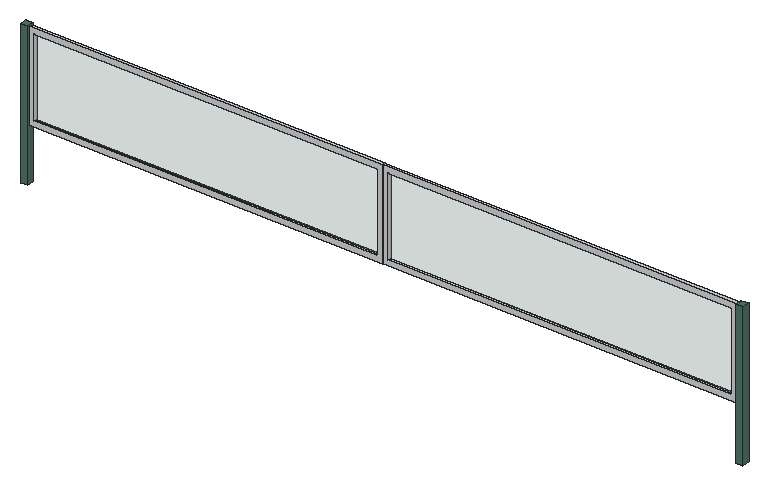
Revit family "Ворота распашные_PROM_UXL_FENCE", category Специальное оборудование, Revit 2019
Family settings
  Размер круглого соединителя = Использовать диаметр
  Тип детали = Нормальный
  На основе рабочей плоскости = Нет
  Всегда вертикально = Да
  При загрузке вырезать с полостями = Нет
  Общий = Нет
  Точка расчета площади = Нет
Parameters (values of type "PROM-UXL_Бетонирование в кондукторе")
  Ширина рамки = 60 mm
  Ширина открывания [instance] = Ширина / 2  # 4000 mm
  Ширина [instance] = 8000 mm
  Т = "UXL_FENCE"  # constant formula
  Фланец под винтовую опору (SITgs) = no
  Фланец (SIT) = no
  Тип крепления = if([Бетонирование в кондукторе (SIC)], 1, if([Бетонирование столбы (SI)], 2, if([Фланец (SIT)], 3, if([Фланец под винтовую опору (SITgs)], 4, 0))))  # 1
  Сечение столба = 80 mm
  Материал_Столбы = FENSYS_Столб
  Материал_Сетка = FENSYS_Сетка_50x100
  Изготовитель = "FENSYS"  # constant formula
  Высота [instance] = 1100 mm
  Бетонирование столбы (SI) = no
  Бетонирование в кондукторе (SIC) = yes
  Глубина столба = if(or([Бетонирование в кондукторе (SIC)], [Бетонирование столбы (SI)]), 500 mm, 0 mm)  # 500 mm
  URL = "https://www.fensys.ru/produkciya/vorota_1.html"
  ADSK_Размер_Ширина [instance] = Ширина  # 8000 mm
  ADSK_Размер_Высота [instance] = Высота  # 1100 mm
  ADSK_Обозначение = "UXL/SIC/FENCE"
  ADSK_Наименование [instance] = size_lookup(Т, "", "Не найдено", ADSK_Размер_Высота, ADSK_Размер_Ширина, Тип крепления)  # "Ворота распашные серии PROM-UXL: HxW 1100x8000 (оси столбов 8160, профиль 160х160х5мм), заполнение панель, столбы с регулируемыми петлями, на фланцах под усиленное бетонирование на армокаркасах"
  ADSK_Масса [instance] = size_lookup(Т, "ADSK_Масса", 0, ADSK_Размер_Высота, ADSK_Размер_Ширина, Тип крепления)  # 389
  ADSK_Комплект = "Ворота распашные"  # constant formula
  ADSK_Код изделия [instance] = size_lookup(Т, "ADSK_Код изделия", "Не найдено", ADSK_Размер_Высота, ADSK_Размер_Ширина, Тип крепления)  # "47220U"
  ADSK_Завод-изготовитель = Изготовитель  # "FENSYS"
  ADSK_Единица измерения = "шт."  # constant formula
Types (5, lengths in mm): name | Фланец под винтовую опору (SITgs) | Фланец (SIT) | Тип крепления | Бетонирование столбы (SI) | Бетонирование в кондукторе (SIC) | Глубина столба | ADSK_Обозначение | ADSK_Наименование | ADSK_Масса | ADSK_Код изделия
  (no name) | no | no | 1 | no | yes | 500 | "UXL/SIC/FENCE" | "Ворота распашные серии PROM-UXL: HxW 1100x8000 (оси столбов 8160, профиль 160х160х5мм), заполнение панель, столбы с регулируемыми петлями, на фланцах под усиленное бетонирование на армокаркасах" | 389 | "47220U"
  PROM-UXL_Под бетонирование | no | no | 2 | yes | no | 500 | "UXL/SI/FENCE" | "Ворота распашные серии PROM-UXL: HxW 1100x8000 (оси столбов 8160, профиль 160х160х5мм), заполнение панель, столбы с регулируемыми петлями, под бетонирование" | 300 | "47300U"
  PROM-UXL_Фланец | no | yes | 3 | no | no | 0 | "UXL/SIT/FENCE" | "Ворота распашные серии PROM-UXL: HxW 1100x8000 (оси столбов 8160, профиль 160х160х5мм), заполнение панель, столбы с регулируемыми петлями, на фланцах под анкерное крепление на бетон" | 293 | "47260U"
  PROM-UXL_Фланец под винтовую опору | yes | no | 4 | no | no | 0 | "UXL/SITgs/FENCE" | "Ворота распашные серии PROM-UXL: HxW 1100x8000 (оси столбов 8160, профиль 160х160х5мм), заполнение панель, столбы с регулируемыми петлями, под крепление на винтовых опорах" | 214 | "47380U"
  PROM-UXL_Бетонирование в кондукторе | no | no | 1 | no | yes | 500 | "UXL/SIC/FENCE" | "Ворота распашные серии PROM-UXL: HxW 1100x8000 (оси столбов 8160, профиль 160х160х5мм), заполнение панель, столбы с регулируемыми петлями, на фланцах под усиленное бетонирование на армокаркасах" | 389 | "47220U"
Reference planes
  plane 1 "По центру (Вперед/Назад)": y = 0
  plane 2: z = 0
  plane 3 "По центру (Влево/Вправо)": x = 0
  plane 4: x = 8160
  plane 5: y = 40
  plane 6: y = -40
  plane 7: x = 80
  plane 8: x = 8080
  plane 9: z = 1100
  plane 10: z = 100
  plane 11: z = -500
  plane 12: y = 20
  plane 13: y = -20
  plane 14: y = 2
  plane 15: y = -2
  plane 16: z = 1040
  plane 17: z = 1110
  plane 18: y = 2
  plane 19: y = -2
  plane 20: x = 4080
Forms (mm)
  Extrusion 1, solid, material "FENSYS_Столб" <- "Материал_Столбы"
    sketch origin (0, 0, 0) x (1, 0, 0) y (0, 1, 0)
      loop
        line (0, 40) -> (0, -40) -> (80, -40) -> (80, 40) -> (0, 40)
      loop
        line (8080, 40) -> (8080, -40) -> (8160, -40) -> (8160, 40) -> (8080, 40)
    from -500 to 1110
  Extrusion 2, solid, material "FENSYS_Сетка_50x100" <- "Материал_Сетка"
    sketch origin (0, 0, 0) x (1, 0, 0) y (0, 1, 0)
      loop
        line (140, 2) -> (140, -2) -> (4020, -2) -> (4020, 2) -> (140, 2)
    from 160 to 1040
  Extrusion 3, solid
    sketch origin (0, 0, 0) x (1, 0, 0) y (0, 0, 1)
      loop
        line (80, 1100) -> (80, 100) -> (4075, 100) -> (4075, 1100) -> (80, 1100)
      loop
        line (8080, 100) -> (8080, 1100) -> (4085, 1100) -> (4085, 100) -> (8080, 100)
      loop
        line (140, 160) -> (4020, 160) -> (4020, 1040) -> (140, 1040) -> (140, 160)
      loop
        line (8020, 160) -> (8020, 1040) -> (4140, 1040) -> (4140, 160) -> (8020, 160)
    from -20 to 20
  Extrusion 4, solid, material "FENSYS_Сетка_50x100" <- "Материал_Сетка"
    sketch origin (1010, 0, 0) x (1, 0, 0) y (0, 1, 0)
      loop
        line (3130, 2) -> (3130, -2) -> (7010, -2) -> (7010, 2) -> (3130, 2)
    from 160 to 1040
Lines and regions (mm)
  Masking region 1, detail levels coarse
    outline origin (0, 0, 0) x (1, 0, 0) y (0, 1, 0)
      loop
        line (80, 20) -> (80, -20) -> (8080, -20) -> (8080, 20) -> (80, 20)
Dimensions and locks
  equal spacing: plane 6, plane 1 "По центру (Вперед/Назад)", plane 5
  "Сечение столба": plane 3 "По центру (Влево/Вправо)" to plane 7
  "Сечение столба": plane 8 to plane 4
  "ADSK_Размер_Высота": plane 9 to plane 2
  "Глубина столба": plane 2 to plane 11
  plane 10 to plane 2 = 100 mm
  plane 5 to plane 1 "По центру (Вперед/Назад)" = 40 mm
  equal spacing: plane 13, plane 1 "По центру (Вперед/Назад)", plane 12
  plane 1 "По центру (Вперед/Назад)" to plane 12 = 20 mm
  equal spacing: plane 15, plane 1 "По центру (Вперед/Назад)", plane 14
  locked: plane 1 "По центру (Вперед/Назад)" to plane 14 at 2
  "Ширина рамки": plane 9 to plane 16
  "ADSK_Размер_Ширина": plane 7 to plane 8
  locked: plane 17 to plane 9 at 10
  plane 19 to plane 18 = 4 mm
  Extrusion 1 to Extrusion 1 = 8160 mm
  "Сечение столба": plane 5 to plane 6
  equal spacing: plane 8, plane 20, plane 7
  aligned and locked: level to plane 2
  aligned and locked: Extrusion 1 sketch curve to plane 5
  aligned and locked: plane 5 to Extrusion 1 sketch curve
  aligned and locked: plane 6 to Extrusion 1 sketch curve
  aligned and locked: Extrusion 1 sketch curve to plane 6
  aligned and locked: Extrusion 1 sketch curve to plane 4
  aligned and locked: plane 8 to Extrusion 1 sketch curve
  aligned and locked: Extrusion 1 sketch curve to plane 7
  aligned and locked: plane 3 "По центру (Влево/Вправо)" to Extrusion 1 sketch curve
  aligned and locked: Extrusion 1 to plane 11
  aligned and locked: Extrusion 2 sketch curve to plane 14
  aligned and locked: Extrusion 2 sketch curve to plane 15
  aligned and locked: Extrusion 2 to plane 16
  aligned and locked: plane 8 to nested 1
  aligned and locked: nested 1 to plane 1 "По центру (Вперед/Назад)"
  aligned and locked: plane 1 "По центру (Вперед/Назад)" to nested 2
  aligned and locked: plane 7 to nested 2
  aligned and locked: Masking region 1 sketch curve to plane 12
  aligned and locked: Masking region 1 sketch curve to plane 13
  aligned and locked: plane 7 to Masking region 1 sketch curve
  aligned and locked: Masking region 1 sketch curve to plane 8
  aligned and locked: Extrusion 1 to plane 17
  aligned and locked: Extrusion 3 to plane 13
  aligned and locked: Extrusion 3 to plane 12
  aligned and locked: Extrusion 2 to Extrusion 3  (x2)
  aligned and locked: Extrusion 3 to plane 16
  aligned and locked: Extrusion 3 to Extrusion 2
  aligned and locked: plane 18 to Extrusion 4 sketch curve
  aligned and locked: Extrusion 4 sketch curve to plane 19
  aligned and locked: Extrusion 4 to Extrusion 3  (x4)
  aligned and locked: Extrusion 1 to plane 5
  aligned and locked: plane 6 to Extrusion 1
  aligned and locked: plane 16 to Extrusion 3
Automatic sketch dimensions
  plane 7 to Extrusion 2 sketch curve = 60 mm
  Extrusion 2 sketch curve to Extrusion 2 sketch curve = 3880 mm
  plane 7 to Extrusion 4 sketch curve = 4060 mm
  Extrusion 4 sketch curve to plane 8 = 60 mm
  Extrusion 3 sketch curve to plane 7 = 0 mm
  Extrusion 3 sketch curve to plane 16 = 0 mm  (x2)
  Extrusion 3 sketch curve to plane 10 = 0 mm  (x3)
  Extrusion 3 sketch curve to plane 9 = 0 mm  (x2)
  Extrusion 3 sketch curve to plane 8 = 0 mm
  plane 7 to Extrusion 3 sketch curve = 60 mm
  Extrusion 3 sketch curve to plane 20 = 5 mm
  Extrusion 3 sketch curve to plane 8 = 60 mm
  plane 10 to Extrusion 3 sketch curve = 60 mm  (x2)
  plane 20 to Extrusion 3 sketch curve = 5 mm
  plane 20 to Extrusion 3 sketch curve = 60 mm
  Extrusion 3 sketch curve to plane 20 = 60 mm
Nested families
  nested 1: "Открываение_Обозначение" at (8080, 0, 0) x (-1, 0, 0) z (0, 0, 1), Ширина <- "Ширина открывания", type "Открываение_Обозначение", detail levels coarse
    with Ширина 4000 mm
  nested 2: "Открываение_Обозначение" at (80, 0, 0), Ширина <- "Ширина открывания", type "Открываение_Обозначение", detail levels coarse
    with Ширина 4000 mm
Definition of nested family "Открываение_Обозначение"
  Parameters (values of type "Открываение_Обозначение")
    Ширина [instance] = 900 mm
  Reference planes
    plane 1 "По центру (Вперед/Назад)": y = 0
    plane 2: z = 0
    plane 3 "По центру (Влево/Вправо)": x = 0
    plane 4: x = 900
  Lines and regions (mm)
    detail lines, in view "Опорный уровень"
      curve 1: line (0, 0, 0) -> (779.423, 450, 0)
  Dimensions and locks
    "Ширина": plane 3 "По центру (Влево/Вправо)" to plane 4
    "Ширина": curve 1 to curve 1
    locked: plane 1 "По центру (Вперед/Назад)" to curve 1 (angle 30.00°)
    aligned and locked: plane 3 "По центру (Влево/Вправо)" to curve 1
    aligned and locked: plane 1 "По центру (Вперед/Назад)" to curve 1
